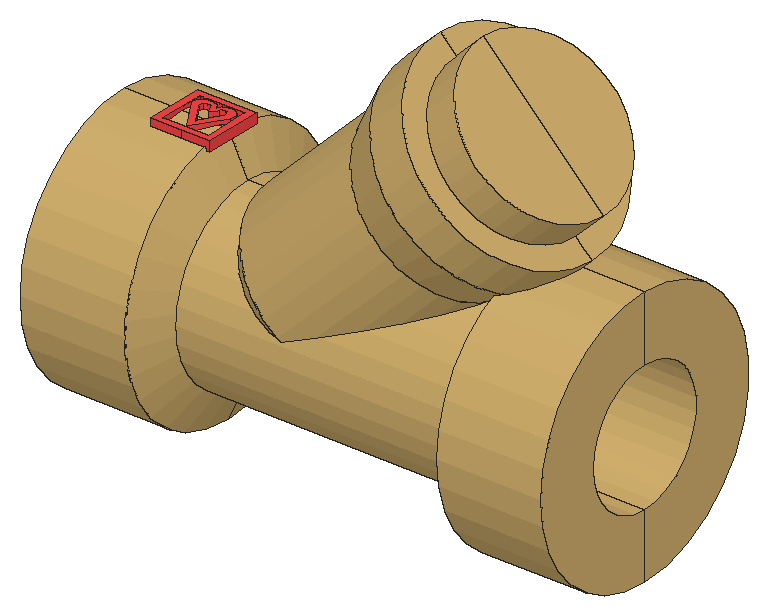
Revit family "Фильтр-грязевик 2662", category Rohrzubehör, Revit 2021
Family settings
  Bemaßung runder Anschluss = Durchmesser verwenden
  Teiletyp = Unterbricht
  OmniClass-Nummer = 23.65.55.14
  OmniClass-Titel = Valves for Liquid Services
  Arbeitsebenenbasiert = Nein
  Immer vertikal = Ja
  Beim Laden mit Abzugskörper schneiden = Nein
  Gemeinsam genutzt = Nein
Parameters
  Номер заказа [instance] = size_lookup("2662_", "Artnr", 0, Nennweite)  # 1266202
  Мин. рабочая температура (вода) = 0.5 °C  # constant formula
  Мин. рабочая температура = -30 °C  # constant formula
  Макс. рабочая температура (вода) = 95 °C  # constant formula
  Макс. рабочая температура = 130 °C  # constant formula
  Макс. рабочее давление = 2500000.0 Pa  # constant formula
  W01 = 45.00°  # constant formula
  Vorgabe-Ansicht = 0.000 mm
  URL = "www.herz-armaturen.ru"
  Заглушка = "штампованная латунь CW 617N"  # constant formula
  Фильтрующий элемент = "нержавеющая сталь, размер ячейки 0,5 мм"  # constant formula
  SW01 [instance] = size_lookup("2662_", "SW1", 12.000 mm, Nennweite)  # 13.000 mm
  SCTWSEQ = "AW;SBT_TYP_AW=\"112\";2"
  SCTWCODE = "04;16;02"  # constant formula
  SCRNSEQ = "AWI;AWI_TYP=\"1011\";2"
  SCRNCODE = "05;15;02"  # constant formula
  S01 [instance] = R01 * 2  # 40.000 mm
  R07 [instance] = size_lookup("2662_", "R7", 13.000 mm, Nennweite)  # 16.500 mm
  R06 [instance] = size_lookup("2662_", "R6", 11.500 mm, Nennweite)  # 14.000 mm
  R05 [instance] = Nennweite / 2  # 10.000 mm
  R03 [instance] = size_lookup("2662_", "R3", 11.500 mm, Nennweite)  # 14.000 mm
  R02 [instance] = Nennweite / 2  # 10.000 mm
  R01 [instance] = (Nennweite / 2) + 10.000 mm  # 20.000 mm
  Nennweite [instance] = 20.000 mm
  Среда = "Качество теплоносителя в соответствии с ÖNORM H5195 и/или предписаниями VDI-Standard 2035. \nРазрешается использование смеси этилен или пропиленгликоля в соотношении 25-50% с водой. Пожалуйста, обратитесь к документации производителя, при использовании этиленгликоля и пропиленгликоля в целях защиты от замерзания. Прокладки EPDM могут быть подвержены воздействию минеральных смазочных масел, что может служить причиной выхода из строя данных уплотнений."
  L16 [instance] = L03 / 2  # 7.750 mm
  L15 [instance] = R01 - 1.000 mm  # 19.000 mm
  L14 [instance] = L06 - L08  # 8.000 mm
  L11 [instance] = size_lookup("2662_", "L11", 4.500 mm, Nennweite)  # 6.000 mm
  L09 [instance] = size_lookup("2662_", "L9", 9.000 mm, Nennweite)  # 7.000 mm
  L08 [instance] = size_lookup("2662_", "L8", 23.500 mm, Nennweite)  # 32.000 mm
  L07 [instance] = size_lookup("2662_", "L7", 11.000 mm, Nennweite)  # 13.000 mm
  L06 [instance] = size_lookup("2662_", "L6", 36.500 mm, Nennweite) - L09  # 40.000 mm
  L03 [instance] = size_lookup("2662_", "L3", 15.000 mm, Nennweite)  # 15.500 mm
  L02 [instance] = size_lookup("2662_", "L2", 14.000 mm, Nennweite)  # 21.000 mm
  L01 [instance] = size_lookup("2662_", "L1", 17.000 mm, Nennweite)  # 16.000 mm
  L00 [instance] = size_lookup("2662_", "L", 68.000 mm, Nennweite)  # 80.000 mm
  Внутренняя резьба = "в соответствии с ISO 228-1"  # constant formula
  Hersteller = "Herz-Armaturen GmbH"  # constant formula
  Корпус (DN50) = "литая латунь в соотв. с EN 1982; CC770S"  # constant formula
  Корпус (DN15-DN40) = "штампованная латунь CW 617N"  # constant formula
  Уплотнения = "EPDM"  # constant formula
  Область применения = "Фильтры устанавливаются с целью защиты клапанов от мелких частиц грязи в системах отопления и \nхолодоснабжения. Ароматические хлорированные углеводороды, такие как природный газ или продукты нефтепереработки, разрушают уплотнения из EPDM."
Reference planes
  plane 1 "Mitte (Vorne/hinten)": y = 0
  plane 2: z = 0
  plane 3 "Mitte (Links/rechts)": x = 0
Forms (mm)
  Revolve 1, solid, material "Messing", detail levels fine
    sketch origin (470, 0, 0) x (1, 0, 0) y (0, 0, 1)
      loop
        line (-510, 10) -> (-494.5, 10) -> (-494.5, 0) -> (-445.5, 0) -> (-445.5, 10) -> (-430, 10) -> (-430, 20) -> (-446, 20) -> (-449, 14) -> (-491, 14) -> (-494, 20) -> (-510, 20) -> (-510, 10)
      axis (-510, 0) -> (-430, 0)
    angle from 0 to 360
  Revolve 2, solid, material "Messing", detail levels fine
    sketch origin (0.32, 0, -0.105) x (1, 0, 0) y (0, 0, 1)
      loop
        line (-13.32, 0) -> (24.157, 37.477) -> (14.964, 46.669) -> (10.722, 42.426) -> (8.247, 44.901) -> (3.297, 39.952) -> (-0.592, 32.527) -> (-17.563, 15.556) -> (-20.391, 7.071) -> (-13.32, 0)
      axis (-13.32, 0) -> (24.157, 37.477)
    angle from 0 to 360
Lines and regions (mm)
  model lines, detail levels coarse+medium
    curve 1: line (-40, 0, 20) -> (40, 0, 20)
    curve 2: line (-40, 0, -20) -> (-40, 0, 20)
    curve 3: line (40, 0, -20) -> (-40, 0, -20)
    curve 4: line (40, 0, 20) -> (40, 0, -20)
    curve 6: line (-40, 20, 0) -> (40, 20, 0)
    curve 7: line (-40, -20, 0) -> (-40, 20, 0)
    curve 8: line (40, -20, 0) -> (-40, -20, 0)
    curve 9: line (40, 20, 0) -> (40, -20, 0)
    curve 10: line (40, -20, 0) -> (-40, 20, 0)
  symbolic lines, style "PipeAccessory"
    curve 5: line (40, 0, -20) -> (-40, 0, 20)
Dimensions and locks
  "L00": Revolve 1 sketch curve to Revolve 1 sketch curve
  equal spacing: Revolve 1 sketch curve, plane 3 "Mitte (Links/rechts)", Revolve 1 sketch curve
  "R01": Revolve 1 sketch curve to Revolve 1 sketch curve  (x2)
  "R02": Revolve 1 sketch curve to Revolve 1 sketch curve  (x2)
  "L01": Revolve 1 sketch curve to Revolve 1 sketch curve  (x2)
  "L02": plane 3 "Mitte (Links/rechts)" to Revolve 1 sketch curve
  "L02": Revolve 1 sketch curve to plane 3 "Mitte (Links/rechts)"
  "R03": Revolve 1 sketch curve to Revolve 1 sketch curve
  "L03": Revolve 1 sketch curve to Revolve 1 sketch curve  (x2)
  "L11": Revolve 2 sketch curve to Revolve 2 sketch curve
  "L07": plane 3 "Mitte (Links/rechts)" to Revolve 2 sketch curve  (x2)
  "R05": Revolve 2 sketch curve to Revolve 2 sketch curve
  "L06": Revolve 2 sketch curve to Revolve 2 sketch curve
  "L08": Revolve 2 sketch curve to Revolve 2 sketch curve
  "R06": Revolve 2 sketch curve to Revolve 2 sketch curve
  "L14": Revolve 2 sketch curve to Revolve 2 sketch curve
  "L15": nested 1 to plane 2
  "L16": Revolve 1 to nested 1
  equal spacing: curve 7, plane 3 "Mitte (Links/rechts)", curve 9
  "L00": curve 7 to curve 9
  "S01": curve 6 to curve 8
  equal spacing: curve 4, plane 3 "Mitte (Links/rechts)", curve 2
  "L00": curve 4 to curve 2
  equal spacing: curve 1, plane 2, curve 3
  "S01": curve 1 to curve 3
  equal spacing: curve 8, plane 1 "Mitte (Vorne/hinten)", curve 6
  "L09": Revolve 2 sketch curve to Revolve 2 sketch curve
  "R07": Revolve 2 sketch curve to Revolve 2 sketch curve
  "SW01": Revolve 2 sketch curve to Revolve 2 sketch curve
  "W01": angle plane 2 to Revolve 2 sketch curve
  "W01": angle level to Revolve 2 sketch curve
  aligned and locked: level to plane 2
Automatic sketch dimensions
  Revolve 1 sketch curve to level = 0.000 mm  (x2)
  Revolve 1 sketch curve to Revolve 1 sketch curve = 791.990 mm
  Revolve 1 sketch curve to Revolve 1 sketch curve = 2278.983 mm
  Revolve 2 sketch curve to level = 0.105 mm
  Revolve 2 sketch curve to Revolve 2 sketch curve = 0.000 mm
Nested families
  nested 1: "Herz-Logo" at (-27.732, 0, 19), type "Herz-Logo", detail levels fine
Connectors
  piping at (-24.5, 0, 0), diameter 20, driven by "Nennweite"
    settings: on Revolve 1, index 1, connector inside diameter 609.6 mm, connector length 0.000 mm, flow factor 0, pipe flow 0.0 L/s, pressure drop 0.0 Pa, fitting loss kfactor 0, connector angle 0.00°, fixture units 0, engagement length 0.000 mm, angle of deflection 0.00°, flow configuration 0, flow direction 1, fitting loss method 0, system type 29, joint type 0, gender type 0, connector reference index -1, connector utility 0, adjustable connector no, is connector primary yes, connector description ""
  piping at (24.5, 0, 0), diameter 20, driven by "Nennweite"
    settings: on Revolve 1, index 2, connector inside diameter 609.6 mm, connector length 0.000 mm, flow factor 0, pipe flow 0.0 L/s, pressure drop 0.0 Pa, fitting loss kfactor 0, connector angle 0.00°, fixture units 0, engagement length 0.000 mm, angle of deflection 0.00°, flow configuration 0, flow direction 2, fitting loss method 0, system type 29, joint type 0, gender type 0, connector reference index -1, connector utility 0, adjustable connector no, is connector primary no, connector description ""
Definition of nested family "Herz-Logo"
  Parameters (values of type "Herz-Logo")
    Default Elevation = 0.000 mm
  Reference planes
    plane 1 "Mitte (Vorne/hinten)": y = 0
    plane 2: z = 0
    plane 3 "Mitte (Links/rechts)": x = 0
  Forms (mm)
    Extrusion 1, solid
      sketch origin (0, 0, 0) x (1, 0, 0) y (0, 1, 0)
        loop
          line (-0.018, -4.517) -> (4.482, -4.517) -> (4.482, 4.483) -> (-4.518, 4.483) -> (-4.518, -4.517) -> (-0.018, -4.517)
        loop
          line (-0.05, -3.48) -> (3.482, -3.48) -> (3.482, 3.483) -> (-3.518, 3.483) -> (-3.518, -3.48) -> (-0.05, -3.48)
        loop
          arc (-0.018, 2.383) -> (-1.543, 3.287) -> (-3.067, 2.383) r 1.738
          arc (-3.067, 2.383) -> (-3.191, 1.899) -> (-3.067, 1.415) r 1.009
          line (-3.067, 1.415) -> (-0.018, -3.281) -> (3.032, 1.415)
          arc (3.032, 1.415) -> (3.156, 1.899) -> (3.032, 2.383) r 1.009
          arc (3.032, 2.383) -> (1.507, 3.287) -> (-0.018, 2.383) r 1.738
        loop
          arc (1.885, 1.272) -> (2.005, 1.675) -> (1.885, 2.079) r 0.74
          arc (1.885, 2.079) -> (1.265, 2.416) -> (0.644, 2.079) r 0.74
          line (0.644, 2.079) -> (-0.018, 0.97) -> (-0.679, 2.079)
          arc (-0.679, 2.079) -> (-1.3, 2.416) -> (-1.921, 2.079) r 0.74
          arc (-1.921, 2.079) -> (-2.04, 1.675) -> (-1.921, 1.272) r 0.74
          line (-1.921, 1.272) -> (-0.018, -1.658) -> (1.885, 1.272)
      from 0 to 1.5
  Dimensions and locks
    aligned and locked: level to plane 2
